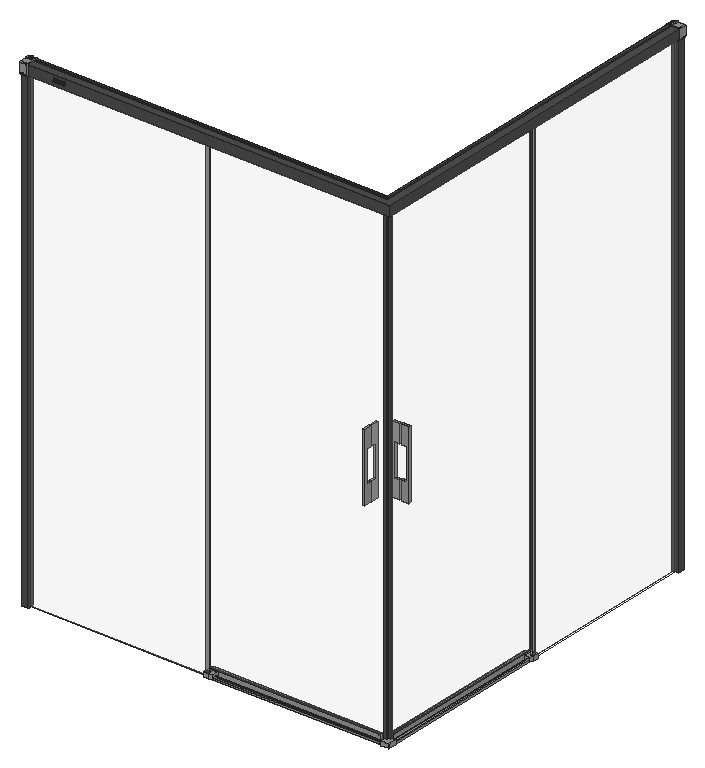
Revit family "Sanitary_Shower-screens_Duscholux_DuschoGredel_DuschoRena_Slider-twin-doors-corner-shower", category Plumbing Fixtures, Revit 2017
Family settings
  Round Connector Dimension = Use Diameter
  Part Type = Normal
  OmniClass Number = 23.45.00.00
  OmniClass Title = Sanitary, Laundry, and Cleaning Equipment
  Work Plane-Based = No
  Always vertical = Yes
  Cut with Voids When Loaded = No
  Shared = No
  Room Calculation Point = No
Parameters (values of type "Black Aluminium Finish")
  Uniclass 2015 Description = "Shower Enclosures"
  Uniclass 2015 Code = "PR-40-20-06-79"
  URL = "http://www.duscholux.es/"
  UNSPSC Code = "30181507"
  Thickness Safety Glass Sliding = 5 mm  # constant formula
  Text visibility = yes
  Technical Inspection Certificate (Applus) = "http://www.duscholux.es/resources/custom/var/APPLUS_en.pdf"
  Sliding Door Width L2 = (Min Max Width L2 / 2) - 39.4 mm + 14 mm  # 724.6 mm
  Sliding Door Width L1 = (Min Max Width L1 / 2) - 39.4 mm + 14 mm  # 724.6 mm
  Ref. = "6AA-6AC / 6AJ-6AK"
  Products = "http://www.duscholux.es/mamparas_filtro.aspx?es"
  Optional = "Towel rail / Shelf"
  Opening System Image = "http://blob.duscholux.es/pluma512/AD2f2pcorredera.gif"
  Opening System = "Sliding"
  Opening Percentage L2 = 0
  Opening Percentage L1 = 0
  Opening Door L2 = ((Min Max Width L2 / 2) - 148.4 mm) * Opening Percentage L2 / 100  # 0 mm
  Series = "duscho Gredel"
  Region South America = "Consult"
  Region Oceania = "Consult"
  Region North America = "Consult"
  Region Middle East = "Consult"
  Region Europe = "AD, ES, FR, PT"
  Region Asia = "Consult"
  Region Antartica = "Consult"
  Region Africa = "Consult"
  Product group = "Angle door for shower"
  Product family = "Duscho Gredel"
  Opening Door L1 = ((Min Max Width L1 / 2) - 148.4 mm) * Opening Percentage L1 / 100  # 0 mm
  Net Weight (Kg) = 82.3
  NBS Reference Description = "Shower Enclosures"
  NBS Reference Code = "45-3570"
  Model = "DuschoRena"
  Material Accesorios = Chrome Finish
  Manufacturer name = "Duscholux Ibérica, S.A."
  Manufacturer country = "Spain"
  Maintenance and Cleaning = "http://www.duscholux.es/mamparas_limpieza.aspx?en"
  Logo visibility = yes
  Image = "http://www.duscholux.es/resources/custom/img/mamparas/DUSCHO%20GREDEL/modelos/2F2PADC/mampara_h.jpg"
  IFC Classification = "Furnishing Element"
  Manufacturer = "Duscholux Ibérica, S.A."
  Handle Material = Chrome Finish
  Glass in Building UNE EN 12150 = "CE Conformity marking"
  Glass Material = Glass_Material-Duscholux
  Frame Material = Black Aluminium Finish
  Thickness safety Glass Fixed Panels = 8 mm  # constant formula
  Fact Sheet = "http://blob.duscholux.es/enpdf2018/Rena2F2PAD.pdf"
  Environmental Management ISO 14001 = "ECOEMBES Certificate"
  Edition number = "1"
  Design country = "Spain / Germany"
  Description = "2 fixed segments + slider twin doors in a corner"
  Date of publishing = ""
  Configuration enclosure = "http://configuratumampara.duscholux.es/eCatalogo.aspx"
  Components = "European components"
  Combinations = "Lateral 90°"
  Brand = "Duscholux"
  Assembly Code = "C1030200"
  Certified Quality UNE EN 14428 = "http://www.duscholux.es/duscholux_downloads.aspx?es"
  COBIe Type Category = ""
  Min Max Width L2 = if(Width L2 < 670 mm, 670 mm, if(Width L2 > 1600 mm, 1600 mm, Width L2))  # 1500 mm
  Min Max Width L1 = if(Width L1 < 670 mm, 670 mm, if(Width L1 > 1600 mm, 1600 mm, Width L1))  # 1500 mm
  Width L2 = 1500 mm
  Width L1 = 1500 mm
  Glass Height = Max Height - 15 mm  # 1985 mm
  Handle Height = Max Height / 2  # 1000 mm
  Max Height = if(Height > 2000 mm, 2000 mm, Height)  # 2000 mm
  Height = 2000 mm
Types (5, lengths in mm): name | Series | Material Accesorios | Handle Material | Frame Material
  (no name) | "duscho Gredel" | Chrome Finish | Chrome Finish | Black Aluminium Finish
  Silver Matt Aluminium Finish | "Duscho Gredel" | Chrome Finish | Chrome Finish | Silver Matt Aluminium Finish
  White Aluminium Finish | "duscho Gredel" | White Finish | White Finish | White Aluminium Finish
  Black Aluminium Finish | "duscho Gredel" | Chrome Finish | Chrome Finish | Black Aluminium Finish
  Platinum Aluminium Finish | "duscho Gredel" | Silver Matt Finish | Chrome Finish | Platinum Aluminium Finish
Reference planes
  plane 1 "Centro (Frontal/Posterior)": y = 0
  plane 2: z = 0
  plane 3 "Centro (Izquierda/Derecha)": x = 0
  plane 4: y = 4
  plane 5: y = -4
  plane 6 "Altura": z = 2000
  plane 7 "Altura vídrio": z = 1985
  plane 8: x = -1496
  plane 9: x = -1487
  plane 10: x = -4
  plane 11: x = 4
  plane 12: y = 1496
  plane 13: y = 1487
  plane 14: x = -746
  plane 15: x = -732
  plane 16: y = 746
  plane 17: y = 23.489
  plane 18: x = -760
  plane 19: x = -23.489
  plane 20: z = 1000
  plane 21: y = 35.4
  plane 22: z = 1959.85
  plane 23: x = -35.386
  plane 24: y = 760
  plane 25: y = 732
Forms (mm)
  Extrusion 1, solid, material "Chrome Finish" <- "Material Accesorios", detail levels medium+fine
    sketch origin (-1472.139, 31.851, 0) x (1, 0, 0) y (0, 1, 0)
      loop
        line (1459.139, -3.851) -> (1459.139, -10.858)
        arc (1459.139, -10.858) -> (1456.798, -16.51) -> (1451.145, -18.851) r 7.994
        line (1451.145, -18.851) -> (1444.139, -18.851) -> (1444.139, -35.851) -> (1473.285, -35.851)
        arc (1473.285, -35.851) -> (1475.303, -35.015) -> (1476.139, -32.997) r 2.854
        line (1476.139, -32.997) -> (1476.139, -3.851) -> (1459.139, -3.851)
    from 0 to 18
  Extrusion 2, solid, material "Black Aluminium Finish" <- "Frame Material"
    sketch origin (-2093.188, 0, 0) x (1, 0, 0) y (0, 1, 0)
      loop
        line (623.688, 14.7) -> (597.188, 14.7) -> (597.188, -10.5) -> (623.688, -10.5) -> (623.688, -4.3) -> (613.038, -4.3) -> (613.038, -9) -> (598.688, -9) -> (598.688, 0) -> (598.688, 13.2) -> (613.038, 13.2) -> (613.038, 4.3) -> (623.688, 4.3) -> (623.688, 14.7)
    from 0 to 1959.85
  Extrusion 3, solid, material "Glass_Material-Duscholux" <- "Glass Material"
    sketch origin (0, 0, 0) x (1, 0, 0) y (0, 1, 0)
      loop
        line (-1487, 4) -> (-1487, -4) -> (-732, -4) -> (-732, 4) -> (-1487, 4)
    from 1.937 to 1985 <- "Glass Height"
  Extrusion 4, solid, material "Glass_Material-Duscholux" <- "Glass Material"
    sketch origin (0, 0, 0) x (1, 0, 0) y (0, 1, 0)
      loop
        line (-4, 1487) -> (-4, 732) -> (4, 732) -> (4, 1487) -> (-4, 1487)
    from 1.937 to 1985 <- "Glass Height"
  Extrusion 5, solid, material "Chrome Finish" <- "Material Accesorios"
    sketch origin (-1925.344, 0, 0) x (1, 0, 0) y (0, 1, 0)
      loop
        line (1208.344, 30.989) -> (1173.344, 30.989) -> (1173.344, -8.011) -> (1195.344, -8.011) -> (1208.344, -4.011) -> (1208.344, 30.989)
    from 0 to 18
  Extrusion 6, void
    sketch origin (-1925.344, 0, 0) x (1, 0, 0) y (0, 1, 0)
      loop
        line (1208.344, 27.32) -> (1173.344, 27.32) -> (1173.344, 19.755) -> (1208.344, 19.755) -> (1208.344, 27.32)
    from 1.937 to 18
  Extrusion 7, void
    sketch origin (-1925.344, -100, 0) x (1, 0, 0) y (0, 1, 0)
      loop
        line (1193.344, 104) -> (1173.344, 104) -> (1173.344, 96) -> (1193.344, 96) -> (1193.344, 104)
    from 1.937 to 18
  Extrusion 8, void
    sketch origin (-1940.344, -100, 0) x (0, 1, 0) y (0, 0, 1)
      loop
        line (130.989, 15.216) -> (130.989, 18) -> (127.32, 18) -> (127.32, 16.927) -> (130.989, 15.216)
    from 1188.344 to 1223.344
  Extrusion 9, solid, material "Chrome Finish" <- "Material Accesorios"
    sketch origin (0, 1879, 0) x (0, -1, 0) y (1, 0, 0)
      loop
        line (1162, -30.989) -> (1162, 4.011) -> (1149, 8.011) -> (1127, 8.011) -> (1127, -30.989) -> (1162, -30.989)
    from 0 to 18
  Extrusion 10, void
    sketch origin (0, 1879, 0) x (0, -1, 0) y (1, 0, 0)
      loop
        line (1127, -27.32) -> (1162, -27.32) -> (1162, -19.755) -> (1127, -19.755) -> (1127, -27.32)
    from 1.937 to 18
  Extrusion 11, void
    sketch origin (100, 1779, 0) x (0, -1, 0) y (1, 0, 0)
      loop
        line (1047, -104) -> (1047, -96) -> (1027, -96) -> (1027, -104) -> (1047, -104)
    from 1.937 to 18
  Extrusion 12, void
    sketch origin (100, 1894, 0) x (-1, 0, 0) y (0, 0, -1)
      loop
        line (130.989, -15.216) -> (127.32, -16.927) -> (127.32, -18) -> (130.989, -18) -> (130.989, -15.216)
    from 1142 to 1177
  Extrusion 13, solid, material "Glass_Material-Duscholux" <- "Glass Material"
    sketch origin (-2020.051, 0, 0) x (1, 0, 0) y (0, 1, 0)
      loop
        line (1260.065, 25.989) -> (1260.065, 20.989) -> (1984.665, 20.989) -> (1984.665, 25.989) -> (1260.065, 25.989)
    from 3.247 to 1985 <- "Glass Height"
  Extrusion 14, solid, material "Plástico, transparente", detail levels fine
    sketch origin (-1598, -145.181, 3.42) x (0, 1, 0) y (0, 0, 1)
      loop
        line (194.949, 4.519) -> (171.958, 16.536)
        arc (171.958, 16.536) -> (171.38, 16.476) -> (171.21, 15.92) r 0.526
        line (171.21, 15.92) -> (171.449, 15) -> (171.449, -0.173) -> (165.989, -0.173) -> (165.989, 16.735) -> (164.936, 16.612) -> (164.936, -1.483) -> (172.501, -1.483) -> (172.501, 12.27)
        arc (172.501, 12.27) -> (172.794, 12.905) -> (173.466, 13.094) r 0.834
        line (173.466, 13.094) -> (193.449, 3.5) -> (193.449, -2.213)
        arc (193.449, -2.213) -> (194.154, -2.647) -> (194.949, -2.414) r 1.02
        line (194.949, -2.414) -> (194.949, 4.519)
    from 843.014 to 1548.233
  Extrusion 15, solid, material "Black Aluminium Finish" <- "Frame Material"
    sketch origin (-5, 0, 0) x (1, 0, 0) y (0, 1, 0)
      loop
        line (-30.386, 26.001) -> (-30.386, 20.976) -> (-32.597, 20.976) -> (-32.597, 19.842)
        arc (-32.597, 19.842) -> (-26.675, 18.656) -> (-21.328, 21.462) r 9.045
        arc (-21.328, 21.462) -> (-21.06, 22.164) -> (-21.354, 22.855) r 1.005
        line (-21.354, 22.855) -> (-22.431, 23.932) -> (-20.682, 25.682) -> (-24.076, 29.076) -> (-25.826, 27.327) -> (-26.959, 28.46)
        arc (-26.959, 28.46) -> (-27.438, 28.727) -> (-27.986, 28.704) r 1.005
        line (-27.986, 28.704) -> (-32.597, 27.177) -> (-32.597, 26.001) -> (-30.386, 26.001)
      loop
        line (-24.342, 20.158) -> (-22.21, 22.29) -> (-27.468, 27.548) -> (-29.6, 25.416) -> (-24.342, 20.158)
    from 0 to 1985 <- "Glass Height"
  Extrusion 16, solid, material "Glass_Material-Duscholux" <- "Glass Material"
    sketch origin (0, 2533.361, 0) x (0, -1, 0) y (1, 0, 0)
      loop
        line (1773.361, -25.989) -> (2497.961, -25.989) -> (2497.961, -20.989) -> (1773.361, -20.989) -> (1773.361, -25.989)
    from 3.247 to 1985 <- "Glass Height"
  Extrusion 17, solid, material "Plástico, transparente", detail levels fine
    sketch origin (145.181, 1598, 3.42) x (-1, 0, 0) y (0, 0, -1)
      loop
        line (194.949, -4.519) -> (194.949, 2.414)
        arc (194.949, 2.414) -> (194.154, 2.647) -> (193.449, 2.213) r 1.02
        line (193.449, 2.213) -> (193.449, -3.5) -> (173.466, -13.094)
        arc (173.466, -13.094) -> (172.794, -12.905) -> (172.501, -12.27) r 0.834
        line (172.501, -12.27) -> (172.501, 1.483) -> (164.936, 1.483) -> (164.936, -16.612) -> (165.989, -16.735) -> (165.989, 0.173) -> (171.449, 0.173) -> (171.449, -15) -> (171.21, -15.92)
        arc (171.21, -15.92) -> (171.38, -16.476) -> (171.958, -16.536) r 0.526
        line (171.958, -16.536) -> (194.949, -4.519)
    from 843 to 1548.219
  Extrusion 18, solid, material "Black Aluminium Finish" <- "Frame Material"
    sketch origin (0, 0.014, 0) x (1, 0, 0) y (0, 1, 0)
      loop
        line (-19.842, 37.597) -> (-20.976, 37.597) -> (-20.976, 35.386) -> (-26.001, 35.386) -> (-26.001, 37.597) -> (-27.177, 37.597) -> (-28.704, 32.986)
        arc (-28.704, 32.986) -> (-28.727, 32.438) -> (-28.46, 31.959) r 1.005
        line (-28.46, 31.959) -> (-27.327, 30.826) -> (-29.076, 29.076) -> (-25.682, 25.682) -> (-23.932, 27.431) -> (-22.855, 26.354)
        arc (-22.855, 26.354) -> (-22.164, 26.06) -> (-21.462, 26.328) r 1.005
        arc (-21.462, 26.328) -> (-18.656, 31.675) -> (-19.842, 37.597) r 9.045
      loop
        line (-25.416, 34.6) -> (-27.548, 32.468) -> (-22.29, 27.21) -> (-20.158, 29.342) -> (-25.416, 34.6)
    from 0 to 1985 <- "Glass Height"
  Extrusion 19, solid, material "Chrome Finish" <- "Material Accesorios", detail levels medium+fine
    sketch origin (0.567, 1454.521, 0) x (-1, 0, 0) y (0, 0, -1)
      loop
        arc (-2.433, -7.579) -> (-1.711, -9.321) -> (0.032, -10.043) r 2.465
        line (0.032, -10.043) -> (5.166, -10.043)
        arc (5.166, -10.043) -> (6.912, -9.32) -> (7.636, -7.574) r 2.47
        line (7.636, -7.574) -> (7.636, 0) -> (-2.433, 0) -> (-2.433, -7.579)
    from 737.521 to 1426.521
  Extrusion 20, solid, material "Chrome Finish" <- "Material Accesorios", detail levels medium+fine
    sketch origin (-1486.652, -0.567, 0) x (0, 1, 0) y (0, 0, 1)
      loop
        line (-2.433, 7.579) -> (-2.433, 0) -> (7.636, 0) -> (7.636, 7.574)
        arc (7.636, 7.574) -> (6.912, 9.32) -> (5.166, 10.043) r 2.47
        line (5.166, 10.043) -> (0.032, 10.043)
        arc (0.032, 10.043) -> (-1.711, 9.321) -> (-2.433, 7.579) r 2.465
    from 769.652 to 1458.652
  Extrusion 21, solid, material "Black Aluminium Finish" <- "Frame Material"
    sketch origin (0, 0, 0) x (0, 1, 0) y (0, 0, 1)
      loop
        line (-16, 2000) -> (-16, 1959.85) -> (-6.5, 1959.85) -> (-6.5, 1994) -> (0, 1994) -> (6.5, 1994) -> (6.5, 1959.85) -> (18.5, 1959.85) -> (18.5, 1963.85) -> (9.5, 1963.85) -> (9.5, 1995.261) -> (23.519, 1995.261) -> (23.519, 1998.011) -> (31.069, 1998.011) -> (31.069, 1961.861) -> (29.669, 1961.861) -> (29.669, 1959.861) -> (33.069, 1959.861) -> (33.069, 1997.011)
        arc (33.069, 1997.011) -> (32.191, 1999.132) -> (30.069, 2000.011) r 3
        line (30.069, 2000.011) -> (21.519, 2000.011) -> (21.519, 1997.261) -> (12.519, 1997.261) -> (12.519, 2000) -> (-16, 2000)
      loop
        line (-9.5, 1991.05) -> (-13, 1991.05) -> (-13, 1963.85) -> (-9.5, 1963.85) -> (-9.5, 1991.05)
    from -1496 to -33.069
  Extrusion 22, solid, material "Black Aluminium Finish" <- "Frame Material"
    sketch origin (0, 1013.135, 0) x (-1, 0, 0) y (0, 0, 1)
      loop
        line (-16, 2000) -> (-16, 1959.85) -> (-6.5, 1959.85) -> (-6.5, 1994) -> (0, 1994) -> (6.5, 1994) -> (6.5, 1959.85) -> (18.5, 1959.85) -> (18.5, 1963.85) -> (9.5, 1963.85) -> (9.5, 1995.261) -> (23.519, 1995.261) -> (23.519, 1998.011) -> (31.069, 1998.011) -> (31.069, 1961.861) -> (29.669, 1961.861) -> (29.669, 1959.861) -> (33.069, 1959.861) -> (33.069, 1997.011)
        arc (33.069, 1997.011) -> (32.191, 1999.132) -> (30.069, 2000.011) r 3
        line (30.069, 2000.011) -> (21.519, 2000.011) -> (21.519, 1997.261) -> (12.519, 1997.261) -> (12.519, 2000) -> (-16, 2000)
      loop
        line (-9.5, 1991.05) -> (-13, 1991.05) -> (-13, 1963.85) -> (-9.5, 1963.85) -> (-9.5, 1991.05)
    from -980.065 to 482.865
  Extrusion 23, solid, material "Black Aluminium Finish" <- "Frame Material"
    sketch origin (0, 0, 0) x (1, 0, 0) y (0, 0, 1)
      loop
        line (16, 2000.011) -> (-33.069, 2000.011) -> (-33.069, 1959.85) -> (16, 1959.85) -> (16, 2000.011)
    from -33.069 to 16
  Extrusion 24, void
    sketch origin (0, 0, 0) x (0, 1, 0) y (0, 0, 1)
      loop
        arc (30.069, 2000.011) -> (32.191, 1999.132) -> (33.069, 1997.011) r 3
        line (33.069, 1997.011) -> (33.069, 2000.011) -> (30.069, 2000.011)
    from -33.069 to -30.069
  Extrusion 25, solid, material "Black Aluminium Finish" <- "Frame Material"
    sketch origin (0, 0, 0) x (1, 0, 0) y (0, 0, 1)
      loop
        arc (-30.069, 2000.011) -> (-32.191, 1999.132) -> (-33.069, 1997.011) r 3
        line (-33.069, 1997.011) -> (-30.069, 1997.011) -> (-30.069, 2000.011)
    from -33.069 to -30.069
  Extrusion 26, solid, material "Chrome Finish" <- "Material Accesorios"
    sketch origin (-1787.5, 0, 0) x (0, 1, 0) y (0, 0, 1)
      loop
        arc (-15, 2002.011) -> (-17.121, 2001.132) -> (-18, 1999.011) r 3
        line (-18, 1999.011) -> (-18, 1961.188)
        arc (-18, 1961.188) -> (-16.882, 1958.721) -> (-14.289, 1957.935) r 3.281
        line (-14.289, 1957.935) -> (-14.289, 1953.858) -> (-10.5, 1953.858) -> (-10.5, 1959.85) -> (-16, 1959.85) -> (-16, 2000) -> (30.191, 2000)
        arc (30.191, 2000) -> (32.266, 1999.117) -> (33.069, 1997.011) r 2.881
        line (33.069, 1997.011) -> (33.069, 1959.861) -> (14.7, 1959.861) -> (14.7, 1953.858) -> (18.5, 1953.858) -> (18.5, 1957.85) -> (32.069, 1957.85)
        arc (32.069, 1957.85) -> (34.191, 1958.729) -> (35.069, 1960.85) r 3
        line (35.069, 1960.85) -> (35.069, 1997.011)
        arc (35.069, 1997.011) -> (33.605, 2000.546) -> (30.069, 2002.011) r 5
        line (30.069, 2002.011) -> (21.49, 2002.011)
        arc (21.49, 2002.011) -> (20.786, 2004.401) -> (18.52, 2005.435) r 3
        line (18.52, 2005.435) -> (12.519, 2005.435) -> (12.519, 2002.011) -> (-15, 2002.011)
    from 291.5 to 319.5
  Extrusion 27, solid, material "Chrome Finish" <- "Material Accesorios"
    sketch origin (0, 1787.5, 0) x (-1, 0, 0) y (0, 0, -1)
      loop
        line (-15, -2002.011) -> (12.519, -2002.011) -> (12.519, -2005.435) -> (18.52, -2005.435)
        arc (18.52, -2005.435) -> (20.786, -2004.401) -> (21.49, -2002.011) r 3
        line (21.49, -2002.011) -> (30.069, -2002.011)
        arc (30.069, -2002.011) -> (33.605, -2000.546) -> (35.069, -1997.011) r 5
        line (35.069, -1997.011) -> (35.069, -1960.85)
        arc (35.069, -1960.85) -> (34.191, -1958.729) -> (32.069, -1957.85) r 3
        line (32.069, -1957.85) -> (18.5, -1957.85) -> (18.5, -1953.858) -> (14.7, -1953.858) -> (14.7, -1959.861) -> (33.069, -1959.861) -> (33.069, -1997.011)
        arc (33.069, -1997.011) -> (32.266, -1999.117) -> (30.191, -2000) r 2.881
        line (30.191, -2000) -> (-16, -2000) -> (-16, -1959.85) -> (-10.5, -1959.85) -> (-10.5, -1953.858) -> (-14.289, -1953.858) -> (-14.289, -1957.935)
        arc (-14.289, -1957.935) -> (-16.882, -1958.721) -> (-18, -1961.188) r 3.281
        line (-18, -1961.188) -> (-18, -1999.011)
        arc (-18, -1999.011) -> (-17.121, -2001.132) -> (-15, -2002.011) r 3
    from 291.5 to 319.5
  Extrusion 28, void
    sketch origin (0, 0, 0) x (1, 0, 0) y (0, 1, 0)
      loop
        line (-33.069, 12.519) -> (-12.519, 12.519) -> (-12.519, 33.069) -> (-21.519, 33.069) -> (-21.519, 21.519) -> (-33.069, 21.519) -> (-33.069, 12.519)
    from 1997.261 to 2000 <- "Height"
  Extrusion 29, solid, material "Black Aluminium Finish" <- "Frame Material", not visible
    sketch origin (-5, 0, 0) x (1, 0, 0) y (0, 1, 0)
      loop
        line (-30.386, 26.001) -> (-30.386, 20.976) -> (-32.597, 20.976) -> (-32.597, 19.842)
        arc (-32.597, 19.842) -> (-26.675, 18.656) -> (-21.328, 21.462) r 9.045
        arc (-21.328, 21.462) -> (-21.06, 22.164) -> (-21.354, 22.855) r 1.005
        line (-21.354, 22.855) -> (-22.431, 23.932) -> (-20.682, 25.682) -> (-24.076, 29.076) -> (-25.826, 27.327) -> (-26.959, 28.46)
        arc (-26.959, 28.46) -> (-27.438, 28.727) -> (-27.986, 28.704) r 1.005
        line (-27.986, 28.704) -> (-32.597, 27.177) -> (-32.597, 26.001) -> (-30.386, 26.001)
      loop
        line (-24.342, 20.158) -> (-22.21, 22.29) -> (-27.468, 27.548) -> (-29.6, 25.416) -> (-24.342, 20.158)
    from 0 to 1985 <- "Glass Height"
  Extrusion 30, solid, material "Black Aluminium Finish" <- "Frame Material", not visible
    sketch origin (0, 0, 0) x (1, 0, 0) y (0, 1, 0)
      loop
        line (-19.842, 37.597) -> (-20.976, 37.597) -> (-20.976, 35.386) -> (-26.001, 35.386) -> (-26.001, 37.597) -> (-27.177, 37.597) -> (-28.704, 32.986)
        arc (-28.704, 32.986) -> (-28.727, 32.438) -> (-28.46, 31.959) r 1.005
        line (-28.46, 31.959) -> (-27.327, 30.826) -> (-29.076, 29.076) -> (-25.682, 25.682) -> (-23.932, 27.431) -> (-22.855, 26.354)
        arc (-22.855, 26.354) -> (-22.164, 26.06) -> (-21.462, 26.328) r 1.005
        arc (-21.462, 26.328) -> (-18.656, 31.675) -> (-19.842, 37.597) r 9.045
      loop
        line (-25.416, 34.6) -> (-27.548, 32.468) -> (-22.29, 27.21) -> (-20.158, 29.342) -> (-25.416, 34.6)
    from 0 to 1985 <- "Glass Height"
  Extrusion 31, solid, material "Plástico, transparente", detail levels fine
    sketch origin (-2.014, 0, 0) x (1, 0, 0) y (0, 1, 0)
      loop
        line (-757.972, 25.989) -> (-752.972, 25.989) -> (-752.972, 27.089) -> (-759.272, 27.089) -> (-759.272, 19.889) -> (-754.072, 19.889) -> (-754.072, 5.989) -> (-752.972, 5.989) -> (-752.972, 20.989) -> (-757.972, 20.989) -> (-757.972, 25.989)
    from 1.937 to 1985 <- "Glass Height"
  Extrusion 32, solid, material "Plástico, transparente", detail levels fine
    sketch origin (0, 1.363, 0) x (1, 0, 0) y (0, 1, 0)
      loop
        line (-25.989, 758.637) -> (-20.989, 758.637) -> (-20.989, 753.637) -> (-5.989, 753.637) -> (-5.989, 754.737) -> (-19.889, 754.737) -> (-19.889, 759.937) -> (-27.089, 759.937) -> (-27.089, 753.637) -> (-25.989, 753.637) -> (-25.989, 758.637)
    from 1.937 to 1985 <- "Glass Height"
  Extrusion 33, solid, material "Black Aluminium Finish" <- "Frame Material"
    sketch origin (0, 0, 0) x (1, 0, 0) y (0, 1, 0)
      loop
        line (-14.7, 1496) -> (-14.7, 1469.5) -> (-4.3, 1469.5) -> (-4.3, 1480.15) -> (-13.2, 1480.15) -> (-13.2, 1494.5) -> (9, 1494.5) -> (9, 1480.15) -> (4.3, 1480.15) -> (4.3, 1469.5) -> (10.5, 1469.5) -> (10.5, 1496) -> (-14.7, 1496)
    from 0 to 1959.85
Cuts and joins
  Extrusion 6, Extrusion 7, Extrusion 8 cuts Extrusion 5
  Extrusion 10, Extrusion 11, Extrusion 12 cuts Extrusion 9
  Extrusion 28 cuts Extrusion 21
  Extrusion 28 cuts Extrusion 22
  Extrusion 24, Extrusion 28 cuts Extrusion 23
  Extrusion 28 cuts Extrusion 25
  joined: Extrusion 21, Extrusion 22, Extrusion 23, Extrusion 25
  Extrusion 28 cuts Extrusion 1
  Extrusion 28 cuts Extrusion 15
  Extrusion 28 cuts Extrusion 18
Dimensions and locks
  locked: Extrusion 1 to Extrusion 1 at 32  (x2)
  equal spacing: plane 4, plane 1 "Centro (Frontal/Posterior)", plane 5
  "Thickness safety Glass Fixed Panels": plane 4 to plane 5
  "Glass Height": plane 7 "Altura vídrio" to plane 2
  locked: plane 8 to plane 9 at 9
  equal spacing: plane 10, plane 3 "Centro (Izquierda/Derecha)", plane 11
  "Thickness safety Glass Fixed Panels": plane 10 to plane 11
  locked: plane 12 to plane 13 at 9
  equal spacing: plane 8, plane 14, plane 11
  locked: plane 14 to plane 15 at 14
  equal spacing: plane 12, plane 16, plane 5
  locked: Extrusion 15 to Extrusion 15 at 2.211
  locked: plane 18 to plane 14 at 14
  locked: Extrusion 18 to Extrusion 18 at 2.211
  Extrusion 18 to Extrusion 18 = 2.211 mm
  locked: Extrusion 14 to Extrusion 13 at 14.381
  locked: Extrusion 16 to Extrusion 17 at 14.381
  locked: plane 14 to cut or joined group of Extrusion 5, Extrusion 6, Extrusion 7, Extrusion 8 at 29
  locked: cut or joined group of Extrusion 5, Extrusion 6, Extrusion 7, Extrusion 8 to plane 14 at 6
  locked: Extrusion 2 to Extrusion 2 at 26.5
  locked: Extrusion 26 to Extrusion 26 at 28
  locked: Extrusion 27 to Extrusion 27 at 28
  "Handle Height": plane 2 to plane 20
  locked: plane 22 to plane 6 "Altura" at 40.15
  locked: plane 6 "Altura" to cut or joined group of Extrusion 21, Extrusion 22, Extrusion 23, Extrusion 24, Extrusion 25, Extrusion 28 at 2.739
  locked: nested 1 to cut or joined group of Extrusion 15, Extrusion 28 at 60
  "Thickness Safety Glass Sliding": Extrusion 13 to Extrusion 13
  "Thickness Safety Glass Sliding": Extrusion 16 to Extrusion 16
  locked: plane 21 to plane 1 "Centro (Frontal/Posterior)" at 35.4
  "Opening Door L2": plane 21 to Extrusion 16
  "Sliding Door Width L2": Extrusion 16 to Extrusion 16
  locked: plane 23 to plane 3 "Centro (Izquierda/Derecha)" at 35.386
  "Opening Door L1": Extrusion 13 to plane 23
  "Sliding Door Width L1": Extrusion 13 to Extrusion 13
  locked: Extrusion 31 to Extrusion 31 at 1.1
  locked: Extrusion 31 to Extrusion 31 at 1.3
  locked: Extrusion 31 to Extrusion 31 at 6.3
  locked: Extrusion 32 to Extrusion 32 at 1.1
  locked: Extrusion 32 to Extrusion 32 at 1.3
  locked: Extrusion 32 to Extrusion 32 at 6.3
  locked: nested 4 to cut or joined group of Extrusion 18, Extrusion 28 at 60
  locked: plane 8 to nested 5 at 158.742
  locked: plane 6 "Altura" to nested 5 at 18.95
  "Min Max Width L1": plane 8 to plane 11
  "Max Height": plane 6 "Altura" to plane 2
  locked: plane 25 to plane 16 at 14
  locked: plane 16 to plane 24 at 14
  locked: cut or joined group of Extrusion 9, Extrusion 10, Extrusion 11, Extrusion 12 to plane 16 at 29
  locked: Extrusion 33 to plane 12 at 26.5
  "Min Max Width L2": plane 12 to plane 5
  locked: cut or joined group of Extrusion 9, Extrusion 10, Extrusion 11, Extrusion 12 to plane 16 at 6
  aligned and locked: level to plane 2
  aligned and locked: Extrusion 3 sketch curve to plane 4
  aligned and locked: plane 5 to Extrusion 3 sketch curve
  aligned and locked: Extrusion 3 to plane 9
  aligned and locked: Extrusion 4 sketch curve to plane 13
  aligned and locked: plane 10 to Extrusion 4 sketch curve
  aligned and locked: Extrusion 4 sketch curve to plane 11
  aligned and locked: plane 15 to Extrusion 3
  aligned and locked: cut or joined group of Extrusion 5, Extrusion 6, Extrusion 7, Extrusion 8 to Extrusion 6
  aligned and locked: cut or joined group of Extrusion 5, Extrusion 6, Extrusion 7, Extrusion 8 to Extrusion 8
  aligned and locked: cut or joined group of Extrusion 5, Extrusion 6, Extrusion 7, Extrusion 8 to cut or joined group of Extrusion 5, Extrusion 6, Extrusion 7, Extrusion 8  (x3)
  aligned and locked: Extrusion 3 to cut or joined group of Extrusion 5, Extrusion 6, Extrusion 7, Extrusion 8
  aligned and locked: Extrusion 4 to cut or joined group of Extrusion 9, Extrusion 10, Extrusion 11, Extrusion 12
  aligned and locked: cut or joined group of Extrusion 9, Extrusion 10, Extrusion 11, Extrusion 12 to cut or joined group of Extrusion 9, Extrusion 10, Extrusion 11, Extrusion 12  (x5)
  aligned and locked: Extrusion 13 to Extrusion 14
  aligned and locked: Extrusion 15 to Extrusion 13
  aligned and locked: Extrusion 17 to Extrusion 16
  aligned and locked: Extrusion 18 to Extrusion 16
  aligned and locked: Extrusion 19 to Extrusion 1
  aligned and locked: Extrusion 19 to cut or joined group of Extrusion 9, Extrusion 10, Extrusion 11, Extrusion 12
  aligned and locked: Extrusion 20 to Extrusion 1
  aligned and locked: Extrusion 20 to cut or joined group of Extrusion 5, Extrusion 6, Extrusion 7, Extrusion 8
  aligned and locked: Extrusion 1 to plane 11
  aligned and locked: Extrusion 1 to plane 5
  aligned and locked: Extrusion 21 sketch curve to Extrusion 21 sketch curve
  aligned and locked: Extrusion 22 sketch curve to Extrusion 22 sketch curve
  aligned and locked: plane 12 to Extrusion 22
  aligned and locked: Extrusion 2 to plane 8
  aligned and locked: Extrusion 26 to plane 8
  aligned and locked: plane 12 to Extrusion 27
  aligned and locked: nested 1 to plane 20
  aligned and locked: plane 20 to nested 2
  aligned and locked: nested 3 to plane 20
  aligned and locked: plane 20 to nested 4
  aligned and locked: plane 22 to Extrusion 2
  aligned and locked: Extrusion 28 to cut or joined group of Extrusion 21, Extrusion 22, Extrusion 23, Extrusion 24, Extrusion 25, Extrusion 28
  aligned and locked: cut or joined group of Extrusion 21, Extrusion 22, Extrusion 23, Extrusion 24, Extrusion 25, Extrusion 28 to plane 8
  aligned and locked: nested 4 to nested 3
  aligned and locked: nested 2 to nested 1
  aligned and locked: Extrusion 31 to Extrusion 31
  aligned and locked: Extrusion 31 to Extrusion 13
  aligned and locked: Extrusion 14 to Extrusion 31
  aligned and locked: Extrusion 31 to Extrusion 14
  aligned and locked: Extrusion 32 to Extrusion 32
  aligned and locked: Extrusion 32 to Extrusion 16
  aligned and locked: Extrusion 17 to Extrusion 32
  aligned and locked: Extrusion 32 to Extrusion 17
  aligned and locked: Extrusion 33 to plane 2
  aligned and locked: Extrusion 33 to cut or joined group of Extrusion 21, Extrusion 22, Extrusion 23, Extrusion 24, Extrusion 25, Extrusion 28
Automatic sketch dimensions
  Extrusion 15 sketch curve to Extrusion 15 sketch curve = 0 mm
  Extrusion 15 sketch curve to Extrusion 15 sketch curve = 2.211 mm
  Extrusion 15 sketch curve to Extrusion 15 sketch curve = 0.786 mm
  Extrusion 15 sketch curve to Extrusion 15 sketch curve = 2.4 mm
  Extrusion 15 sketch curve to Extrusion 15 sketch curve = 0.023 mm
  Extrusion 15 sketch curve to Extrusion 15 sketch curve = 0.293 mm
  Extrusion 15 sketch curve to Extrusion 15 sketch curve = 0.201 mm  (x2)
  Extrusion 15 sketch curve to Extrusion 15 sketch curve = 0.711 mm  (x3)
  Extrusion 15 sketch curve to Extrusion 15 sketch curve = 1.134 mm
  Extrusion 15 sketch curve to Extrusion 15 sketch curve = 1.749 mm  (x2)
  Extrusion 15 sketch curve to Extrusion 15 sketch curve = 0.222 mm
  Extrusion 15 sketch curve to Extrusion 15 sketch curve = 0.145 mm  (x2)
  Extrusion 15 sketch curve to Extrusion 15 sketch curve = 1.135 mm
  Extrusion 15 sketch curve to Extrusion 15 sketch curve = 1.176 mm
  Extrusion 15 sketch curve to Extrusion 15 sketch curve = 0.061 mm
  Extrusion 18 sketch curve to Extrusion 18 sketch curve = 0.711 mm  (x2)
  Extrusion 18 sketch curve to Extrusion 18 sketch curve = 0.954 mm
  Extrusion 18 sketch curve to Extrusion 18 sketch curve = 1.176 mm
  Extrusion 18 sketch curve to Extrusion 18 sketch curve = 1.077 mm
  Extrusion 18 sketch curve to Extrusion 18 sketch curve = 1.484 mm
  Extrusion 18 sketch curve to Extrusion 18 sketch curve = 1.749 mm  (x2)
  Extrusion 18 sketch curve to Extrusion 18 sketch curve = 0.585 mm
  Extrusion 18 sketch curve to Extrusion 18 sketch curve = 1.91 mm
  Extrusion 18 sketch curve to Extrusion 18 sketch curve = 0.222 mm
  Extrusion 18 sketch curve to Extrusion 18 sketch curve = 0.061 mm
  Extrusion 18 sketch curve to Extrusion 18 sketch curve = 0.201 mm  (x2)
  Extrusion 18 sketch curve to Extrusion 18 sketch curve = 0.566 mm
  Extrusion 18 sketch curve to Extrusion 18 sketch curve = 0.145 mm  (x2)
  Extrusion 18 sketch curve to Extrusion 18 sketch curve = 4.44 mm
  Extrusion 18 sketch curve to Extrusion 18 sketch curve = 1.135 mm
  Extrusion 18 sketch curve to Extrusion 18 sketch curve = 0.672 mm
  Extrusion 18 sketch curve to Extrusion 18 sketch curve = 2.132 mm
  Extrusion 18 sketch curve to Extrusion 18 sketch curve = 0.293 mm
  Extrusion 18 sketch curve to Extrusion 18 sketch curve = 0.786 mm
  Extrusion 18 sketch curve to Extrusion 18 sketch curve = 2.211 mm  (x2)
  Extrusion 15 sketch curve to Extrusion 15 sketch curve = 6.044 mm
  Extrusion 15 sketch curve to Extrusion 15 sketch curve = 0.818 mm
  Extrusion 15 sketch curve to Extrusion 15 sketch curve = 1.987 mm
  Extrusion 15 sketch curve to Extrusion 15 sketch curve = 1.077 mm
  Extrusion 15 sketch curve to Extrusion 15 sketch curve = 0.585 mm
  Extrusion 1 sketch curve to plane 5 = 0 mm
  Extrusion 1 sketch curve to plane 11 = 0 mm
  plane 3 "Centro (Izquierda/Derecha)" to Extrusion 1 sketch curve = 1.146 mm
  Extrusion 1 sketch curve to plane 10 = 9 mm
  plane 19 to Extrusion 1 sketch curve = 2.495 mm
  Extrusion 1 sketch curve to plane 19 = 4.511 mm
  plane 4 to Extrusion 1 sketch curve = 9 mm
  Extrusion 1 sketch curve to plane 17 = 4.511 mm
  Extrusion 2 sketch curve to plane 8 = 0 mm
  plane 1 "Centro (Frontal/Posterior)" to Extrusion 2 sketch curve = 0 mm
  plane 8 to Extrusion 2 sketch curve = 1.5 mm
  plane 9 to Extrusion 2 sketch curve = 6.85 mm  (x2)
  plane 4 to Extrusion 2 sketch curve = 0.3 mm
  Extrusion 2 sketch curve to Extrusion 2 sketch curve = 10.65 mm
  Extrusion 2 sketch curve to Extrusion 2 sketch curve = 0 mm
  Extrusion 2 sketch curve to plane 5 = 0.3 mm
  Extrusion 2 sketch curve to plane 5 = 5 mm
  Extrusion 2 sketch curve to Extrusion 2 sketch curve = 1.5 mm
  plane 4 to Extrusion 2 sketch curve = 9.2 mm
  plane 17 to Extrusion 2 sketch curve = 8.789 mm
  Extrusion 3 sketch curve to plane 9 = 0 mm
  Extrusion 3 sketch curve to plane 15 = 0 mm
  Extrusion 5 sketch curve to plane 14 = 6 mm
  plane 15 to Extrusion 5 sketch curve = 2 mm
  Extrusion 5 sketch curve to plane 5 = 0.011 mm
  Extrusion 5 sketch curve to Extrusion 5 sketch curve = 13 mm
  Extrusion 5 sketch curve to plane 5 = 4.011 mm
  Extrusion 5 sketch curve to plane 17 = 7.5 mm
  Extrusion 6 sketch curve to plane 14 = 6 mm
  plane 17 to Extrusion 6 sketch curve = 3.734 mm
  plane 15 to Extrusion 6 sketch curve = 15 mm
  Extrusion 6 sketch curve to plane 17 = 3.831 mm
  Extrusion 7 sketch curve to plane 4 = 0 mm
  Extrusion 7 sketch curve to plane 5 = 0 mm
  Extrusion 7 sketch curve to plane 15 = 0 mm
  Extrusion 7 sketch curve to plane 14 = 6 mm
  Extrusion 8 sketch curve to plane 17 = 3.831 mm
  Extrusion 8 sketch curve to Extrusion 8 sketch curve = 3.669 mm
  level to Extrusion 8 sketch curve = 15.216 mm
  Extrusion 8 sketch curve to Extrusion 8 sketch curve = 1.711 mm
  Extrusion 8 sketch curve to Extrusion 8 sketch curve = 2.784 mm
  Extrusion 9 sketch curve to plane 16 = 6 mm
  plane 11 to Extrusion 9 sketch curve = 0.011 mm
  Extrusion 9 sketch curve to Extrusion 9 sketch curve = 13 mm
  Extrusion 9 sketch curve to plane 19 = 7.5 mm
  plane 11 to Extrusion 9 sketch curve = 4.011 mm
  Extrusion 10 sketch curve to plane 16 = 6 mm
  plane 19 to Extrusion 10 sketch curve = 3.734 mm
  Extrusion 10 sketch curve to plane 19 = 3.831 mm
  Extrusion 11 sketch curve to plane 10 = 0 mm
  Extrusion 11 sketch curve to plane 11 = 0 mm
  Extrusion 11 sketch curve to plane 16 = 6 mm
  Extrusion 12 sketch curve to plane 19 = 3.831 mm
  Extrusion 12 sketch curve to Extrusion 12 sketch curve = 3.669 mm
  level to Extrusion 12 sketch curve = 18 mm
  Extrusion 12 sketch curve to Extrusion 12 sketch curve = 1.073 mm
  Extrusion 12 sketch curve to Extrusion 12 sketch curve = 2.784 mm
  plane 18 to Extrusion 13 sketch curve = 0.014 mm
  plane 17 to Extrusion 13 sketch curve = 2.5 mm
  Extrusion 13 sketch curve to plane 19 = 11.897 mm
  Extrusion 13 sketch curve to plane 17 = 2.5 mm
  plane 17 to Extrusion 14 sketch curve = 3.734 mm
  Extrusion 14 sketch curve to Extrusion 14 sketch curve = 1.053 mm  (x2)
  Extrusion 14 sketch curve to plane 17 = 2.54 mm
  Extrusion 14 sketch curve to plane 17 = 2.779 mm
  Extrusion 14 sketch curve to Extrusion 14 sketch curve = 0.504 mm
  Extrusion 14 sketch curve to Extrusion 14 sketch curve = 0.244 mm
  Extrusion 14 sketch curve to Extrusion 14 sketch curve = 0.834 mm
  Extrusion 14 sketch curve to Extrusion 14 sketch curve = 0.131 mm
  level to Extrusion 14 sketch curve = 6.92 mm
  Extrusion 14 sketch curve to Extrusion 14 sketch curve = 20.947 mm
  Extrusion 14 sketch curve to Extrusion 14 sketch curve = 0.841 mm
  Extrusion 14 sketch curve to Extrusion 14 sketch curve = 1.5 mm
  level to Extrusion 14 sketch curve = 3.247 mm
  Extrusion 14 sketch curve to Extrusion 14 sketch curve = 1.31 mm
  level to Extrusion 14 sketch curve = 1.785 mm
  Extrusion 14 sketch curve to Extrusion 14 sketch curve = 0.578 mm
  Extrusion 14 sketch curve to Extrusion 14 sketch curve = 1.019 mm
  Extrusion 14 sketch curve to Extrusion 14 sketch curve = 12.444 mm
  Extrusion 14 sketch curve to Extrusion 14 sketch curve = 1.906 mm
  Extrusion 14 sketch curve to Extrusion 14 sketch curve = 0.92 mm
  Extrusion 14 sketch curve to Extrusion 14 sketch curve = 0.15 mm
  Extrusion 14 sketch curve to Extrusion 14 sketch curve = 0.692 mm
  Extrusion 14 sketch curve to Extrusion 14 sketch curve = 0.123 mm
  plane 19 to Extrusion 16 sketch curve = 2.5 mm
  Extrusion 16 sketch curve to plane 17 = 11.911 mm
  Extrusion 16 sketch curve to plane 19 = 2.5 mm
  plane 19 to Extrusion 17 sketch curve = 3.734 mm
  Extrusion 17 sketch curve to Extrusion 17 sketch curve = 1.053 mm  (x2)
  Extrusion 17 sketch curve to plane 19 = 2.54 mm
  Extrusion 17 sketch curve to plane 19 = 2.779 mm
  Extrusion 17 sketch curve to Extrusion 17 sketch curve = 0.504 mm
  Extrusion 17 sketch curve to Extrusion 17 sketch curve = 0.244 mm
  Extrusion 17 sketch curve to Extrusion 17 sketch curve = 0.834 mm
  Extrusion 17 sketch curve to Extrusion 17 sketch curve = 0.131 mm
  level to Extrusion 17 sketch curve = 6.92 mm
  Extrusion 17 sketch curve to Extrusion 17 sketch curve = 20.947 mm
  Extrusion 17 sketch curve to Extrusion 17 sketch curve = 0.841 mm
  Extrusion 17 sketch curve to Extrusion 17 sketch curve = 1.5 mm
  Extrusion 17 sketch curve to Extrusion 17 sketch curve = 1.019 mm
  level to Extrusion 17 sketch curve = 15.691 mm
  Extrusion 17 sketch curve to Extrusion 17 sketch curve = 1.906 mm
  Extrusion 17 sketch curve to Extrusion 17 sketch curve = 0.92 mm
  Extrusion 17 sketch curve to Extrusion 17 sketch curve = 0.15 mm
  Extrusion 17 sketch curve to Extrusion 17 sketch curve = 0.692 mm
  Extrusion 17 sketch curve to Extrusion 17 sketch curve = 0.123 mm
  level to Extrusion 17 sketch curve = 3.247 mm
  Extrusion 17 sketch curve to Extrusion 17 sketch curve = 1.31 mm
  level to Extrusion 17 sketch curve = 1.785 mm
  Extrusion 17 sketch curve to Extrusion 17 sketch curve = 0.578 mm
  Extrusion 19 sketch curve to level = 0 mm
  Extrusion 19 sketch curve to plane 11 = 1 mm
  plane 3 "Centro (Izquierda/Derecha)" to Extrusion 19 sketch curve = 0.535 mm
  Extrusion 19 sketch curve to plane 10 = 0.599 mm
  Extrusion 19 sketch curve to plane 10 = 3.069 mm
  level to Extrusion 19 sketch curve = 7.574 mm
  Extrusion 20 sketch curve to level = 0 mm
  plane 5 to Extrusion 20 sketch curve = 1 mm
  plane 1 "Centro (Frontal/Posterior)" to Extrusion 20 sketch curve = 0.535 mm
  plane 4 to Extrusion 20 sketch curve = 0.599 mm
  plane 4 to Extrusion 20 sketch curve = 3.069 mm
  Extrusion 20 sketch curve to Extrusion 20 sketch curve = 7.574 mm
  Extrusion 21 sketch curve to plane 6 "Altura" = 0 mm
  Extrusion 21 sketch curve to plane 1 "Centro (Frontal/Posterior)" = 0 mm
  Extrusion 21 sketch curve to plane 5 = 2.5 mm
  Extrusion 21 sketch curve to Extrusion 21 sketch curve = 3 mm  (x3)
  Extrusion 21 sketch curve to Extrusion 21 sketch curve = 3.5 mm
  plane 4 to Extrusion 21 sketch curve = 2.5 mm
  Extrusion 21 sketch curve to Extrusion 21 sketch curve = 3.019 mm
  plane 17 to Extrusion 21 sketch curve = 4.989 mm
  plane 6 "Altura" to Extrusion 21 sketch curve = 0.011 mm
  plane 17 to Extrusion 21 sketch curve = 1.969 mm
  Extrusion 21 sketch curve to plane 17 = 0.031 mm
  Extrusion 21 sketch curve to plane 17 = 6.181 mm
  Extrusion 21 sketch curve to plane 17 = 6.581 mm
  Extrusion 21 sketch curve to Extrusion 21 sketch curve = 1 mm  (x2)
  Extrusion 21 sketch curve to Extrusion 21 sketch curve = 2 mm  (x2)
  Extrusion 21 sketch curve to plane 6 "Altura" = 4.739 mm
  Extrusion 21 sketch curve to plane 6 "Altura" = 6 mm
  Extrusion 21 sketch curve to Extrusion 21 sketch curve = 2.95 mm
  Extrusion 21 sketch curve to plane 7 "Altura vídrio" = 21.15 mm
  Extrusion 21 sketch curve to Extrusion 21 sketch curve = 1.989 mm
  Extrusion 21 sketch curve to Extrusion 21 sketch curve = 4 mm  (x2)
  Extrusion 21 sketch curve to plane 6 "Altura" = 2.739 mm
  Extrusion 22 sketch curve to plane 6 "Altura" = 0 mm
  Extrusion 22 sketch curve to plane 3 "Centro (Izquierda/Derecha)" = 0 mm
  plane 11 to Extrusion 22 sketch curve = 2.5 mm
  Extrusion 22 sketch curve to Extrusion 22 sketch curve = 3 mm  (x3)
  Extrusion 22 sketch curve to Extrusion 22 sketch curve = 3.5 mm
  Extrusion 22 sketch curve to plane 10 = 2.5 mm
  Extrusion 22 sketch curve to Extrusion 22 sketch curve = 3.019 mm
  plane 19 to Extrusion 22 sketch curve = 4.989 mm
  plane 6 "Altura" to Extrusion 22 sketch curve = 0.011 mm
  plane 19 to Extrusion 22 sketch curve = 1.969 mm
  Extrusion 22 sketch curve to plane 19 = 0.031 mm
  Extrusion 22 sketch curve to plane 19 = 6.181 mm
  Extrusion 22 sketch curve to plane 19 = 6.581 mm
  Extrusion 22 sketch curve to Extrusion 22 sketch curve = 1 mm  (x2)
  Extrusion 22 sketch curve to Extrusion 22 sketch curve = 2 mm  (x2)
  Extrusion 22 sketch curve to plane 6 "Altura" = 4.739 mm
  Extrusion 22 sketch curve to plane 6 "Altura" = 6 mm
  Extrusion 22 sketch curve to Extrusion 22 sketch curve = 2.95 mm
  Extrusion 22 sketch curve to plane 7 "Altura vídrio" = 21.15 mm
  Extrusion 22 sketch curve to Extrusion 22 sketch curve = 1.989 mm
  Extrusion 22 sketch curve to Extrusion 22 sketch curve = 4 mm  (x2)
  Extrusion 22 sketch curve to plane 6 "Altura" = 2.739 mm
  plane 6 "Altura" to Extrusion 23 sketch curve = 0.011 mm
  Extrusion 23 sketch curve to plane 19 = 9.581 mm
  plane 11 to Extrusion 23 sketch curve = 12 mm
  Extrusion 23 sketch curve to plane 7 "Altura vídrio" = 25.15 mm
  plane 6 "Altura" to Extrusion 24 sketch curve = 0.011 mm
  Extrusion 24 sketch curve to plane 17 = 6.581 mm
  Extrusion 24 sketch curve to Extrusion 24 sketch curve = 3 mm
  Extrusion 25 sketch curve to plane 6 "Altura" = 2.989 mm
  Extrusion 25 sketch curve to plane 19 = 9.581 mm
  Extrusion 25 sketch curve to Extrusion 25 sketch curve = 3 mm
  Extrusion 26 sketch curve to plane 6 "Altura" = 0 mm
  Extrusion 26 sketch curve to plane 5 = 14 mm
  Extrusion 26 sketch curve to Extrusion 26 sketch curve = 2 mm  (x2)
  Extrusion 26 sketch curve to Extrusion 26 sketch curve = 1 mm  (x2)
  Extrusion 26 sketch curve to Extrusion 26 sketch curve = 1.281 mm
  Extrusion 26 sketch curve to Extrusion 26 sketch curve = 1.711 mm
  Extrusion 26 sketch curve to Extrusion 26 sketch curve = 3.789 mm
  plane 6 "Altura" to Extrusion 26 sketch curve = 2.011 mm  (x2)
  plane 4 to Extrusion 26 sketch curve = 8.519 mm
  plane 17 to Extrusion 26 sketch curve = 8.789 mm
  Extrusion 26 sketch curve to Extrusion 26 sketch curve = 3.8 mm
  plane 6 "Altura" to Extrusion 26 sketch curve = 2.435 mm
  plane 17 to Extrusion 26 sketch curve = 4.969 mm
  plane 17 to Extrusion 26 sketch curve = 1.999 mm
  Extrusion 26 sketch curve to plane 17 = 6.581 mm
  Extrusion 26 sketch curve to Extrusion 26 sketch curve = 0.121 mm
  Extrusion 26 sketch curve to plane 17 = 8.581 mm
  Extrusion 26 sketch curve to Extrusion 26 sketch curve = 0 mm
  Extrusion 26 sketch curve to plane 7 "Altura vídrio" = 23.812 mm
  Extrusion 26 sketch curve to plane 7 "Altura vídrio" = 24.15 mm
  Extrusion 26 sketch curve to Extrusion 26 sketch curve = 2.011 mm
  Extrusion 26 sketch curve to Extrusion 26 sketch curve = 1.338 mm
  Extrusion 26 sketch curve to Extrusion 26 sketch curve = 4.077 mm
  Extrusion 26 sketch curve to Extrusion 26 sketch curve = 3.992 mm
  Extrusion 27 sketch curve to plane 6 "Altura" = 0 mm
  plane 11 to Extrusion 27 sketch curve = 14 mm
  Extrusion 27 sketch curve to Extrusion 27 sketch curve = 2 mm  (x2)
  Extrusion 27 sketch curve to Extrusion 27 sketch curve = 1 mm  (x2)
  Extrusion 27 sketch curve to Extrusion 27 sketch curve = 1.281 mm
  Extrusion 27 sketch curve to Extrusion 27 sketch curve = 1.711 mm
  Extrusion 27 sketch curve to Extrusion 27 sketch curve = 3.789 mm
  plane 6 "Altura" to Extrusion 27 sketch curve = 2.011 mm  (x2)
  Extrusion 27 sketch curve to plane 10 = 8.519 mm
  plane 19 to Extrusion 27 sketch curve = 8.789 mm
  Extrusion 27 sketch curve to Extrusion 27 sketch curve = 3.8 mm
  plane 6 "Altura" to Extrusion 27 sketch curve = 2.435 mm
  plane 19 to Extrusion 27 sketch curve = 4.969 mm
  plane 19 to Extrusion 27 sketch curve = 1.999 mm
  Extrusion 27 sketch curve to plane 19 = 6.581 mm
  Extrusion 27 sketch curve to Extrusion 27 sketch curve = 0.121 mm
  Extrusion 27 sketch curve to plane 19 = 8.581 mm
  Extrusion 27 sketch curve to Extrusion 27 sketch curve = 0.109 mm
  Extrusion 27 sketch curve to plane 7 "Altura vídrio" = 23.812 mm
  Extrusion 27 sketch curve to plane 7 "Altura vídrio" = 24.15 mm
  Extrusion 27 sketch curve to Extrusion 27 sketch curve = 2.011 mm
  Extrusion 27 sketch curve to Extrusion 27 sketch curve = 1.915 mm
  Extrusion 27 sketch curve to Extrusion 27 sketch curve = 4.077 mm
  Extrusion 27 sketch curve to Extrusion 27 sketch curve = 3.992 mm
  Extrusion 28 sketch curve to plane 19 = 9.581 mm
  plane 19 to Extrusion 28 sketch curve = 1.969 mm
  Extrusion 28 sketch curve to plane 10 = 8.519 mm
  plane 4 to Extrusion 28 sketch curve = 8.519 mm
  plane 17 to Extrusion 28 sketch curve = 1.969 mm
  Extrusion 28 sketch curve to plane 17 = 9.581 mm
  Extrusion 29 sketch curve to Extrusion 29 sketch curve = 0 mm
  Extrusion 29 sketch curve to Extrusion 29 sketch curve = 2.211 mm
  Extrusion 29 sketch curve to Extrusion 29 sketch curve = 0.786 mm
  Extrusion 29 sketch curve to Extrusion 29 sketch curve = 2.4 mm
  Extrusion 29 sketch curve to Extrusion 29 sketch curve = 0.023 mm
  Extrusion 29 sketch curve to Extrusion 29 sketch curve = 0.293 mm
  Extrusion 29 sketch curve to Extrusion 29 sketch curve = 0.201 mm  (x2)
  Extrusion 29 sketch curve to Extrusion 29 sketch curve = 0.711 mm  (x3)
  Extrusion 29 sketch curve to Extrusion 29 sketch curve = 1.134 mm
  Extrusion 29 sketch curve to Extrusion 29 sketch curve = 1.749 mm  (x2)
  Extrusion 29 sketch curve to Extrusion 29 sketch curve = 0.222 mm
  Extrusion 29 sketch curve to Extrusion 29 sketch curve = 0.145 mm  (x2)
  Extrusion 29 sketch curve to Extrusion 29 sketch curve = 1.135 mm
  Extrusion 29 sketch curve to Extrusion 29 sketch curve = 1.176 mm
  Extrusion 29 sketch curve to Extrusion 29 sketch curve = 0.061 mm
  Extrusion 29 sketch curve to Extrusion 29 sketch curve = 6.044 mm
  Extrusion 29 sketch curve to Extrusion 29 sketch curve = 0.818 mm
  Extrusion 29 sketch curve to Extrusion 29 sketch curve = 1.987 mm
  Extrusion 29 sketch curve to Extrusion 29 sketch curve = 1.077 mm
  Extrusion 29 sketch curve to Extrusion 29 sketch curve = 0.585 mm
  Extrusion 30 sketch curve to Extrusion 30 sketch curve = 0.711 mm  (x2)
  Extrusion 30 sketch curve to Extrusion 30 sketch curve = 0.954 mm
  Extrusion 30 sketch curve to Extrusion 30 sketch curve = 1.176 mm
  Extrusion 30 sketch curve to Extrusion 30 sketch curve = 1.077 mm
  Extrusion 30 sketch curve to Extrusion 30 sketch curve = 1.484 mm
  Extrusion 30 sketch curve to Extrusion 30 sketch curve = 1.749 mm  (x2)
  Extrusion 30 sketch curve to Extrusion 30 sketch curve = 0.585 mm
  Extrusion 30 sketch curve to Extrusion 30 sketch curve = 1.91 mm
  Extrusion 30 sketch curve to Extrusion 30 sketch curve = 0.222 mm
  Extrusion 30 sketch curve to Extrusion 30 sketch curve = 0.061 mm
  Extrusion 30 sketch curve to Extrusion 30 sketch curve = 0.201 mm  (x2)
  Extrusion 30 sketch curve to Extrusion 30 sketch curve = 0.566 mm
  Extrusion 30 sketch curve to Extrusion 30 sketch curve = 0.145 mm  (x2)
  Extrusion 30 sketch curve to Extrusion 30 sketch curve = 4.44 mm
  Extrusion 30 sketch curve to Extrusion 30 sketch curve = 1.135 mm
  Extrusion 30 sketch curve to Extrusion 30 sketch curve = 0.672 mm
  Extrusion 30 sketch curve to Extrusion 30 sketch curve = 2.132 mm
  Extrusion 30 sketch curve to Extrusion 30 sketch curve = 0.293 mm
  Extrusion 30 sketch curve to Extrusion 30 sketch curve = 0.786 mm
  Extrusion 30 sketch curve to Extrusion 30 sketch curve = 2.211 mm  (x2)
  Extrusion 31 sketch curve to plane 17 = 3.6 mm
  Extrusion 31 sketch curve to plane 18 = 1.286 mm
  Extrusion 31 sketch curve to Extrusion 31 sketch curve = 5.2 mm
  Extrusion 31 sketch curve to Extrusion 31 sketch curve = 6.3 mm
  Extrusion 31 sketch curve to Extrusion 31 sketch curve = 1.1 mm  (x3)
  plane 17 to Extrusion 31 sketch curve = 2.5 mm
  plane 4 to Extrusion 31 sketch curve = 1.989 mm
  Extrusion 31 sketch curve to Extrusion 31 sketch curve = 1.3 mm
  Extrusion 32 sketch curve to plane 19 = 3.6 mm
  Extrusion 32 sketch curve to Extrusion 32 sketch curve = 1.1 mm  (x3)
  plane 19 to Extrusion 32 sketch curve = 2.5 mm
  Extrusion 32 sketch curve to plane 10 = 1.989 mm
  Extrusion 32 sketch curve to Extrusion 32 sketch curve = 0 mm
  Extrusion 32 sketch curve to Extrusion 32 sketch curve = 6.3 mm
  Extrusion 32 sketch curve to Extrusion 32 sketch curve = 1.3 mm
  Extrusion 33 sketch curve to plane 12 = 0 mm
  Extrusion 33 sketch curve to Extrusion 33 sketch curve = 8.9 mm
  plane 19 to Extrusion 33 sketch curve = 8.789 mm
  plane 11 to Extrusion 33 sketch curve = 0.3 mm
  Extrusion 33 sketch curve to Extrusion 33 sketch curve = 4.7 mm
  Extrusion 33 sketch curve to Extrusion 33 sketch curve = 6.2 mm
  Extrusion 33 sketch curve to plane 12 = 1.5 mm
  Extrusion 33 sketch curve to plane 13 = 6.85 mm  (x2)
  Extrusion 33 sketch curve to Extrusion 33 sketch curve = 10.65 mm
  Extrusion 33 sketch curve to Extrusion 33 sketch curve = 0 mm
  Extrusion 33 sketch curve to Extrusion 33 sketch curve = 1.5 mm
  plane 16 to Extrusion 4 sketch curve = 14 mm
  plane 16 to Extrusion 9 sketch curve = 16 mm
  plane 16 to Extrusion 10 sketch curve = 29 mm
  plane 16 to Extrusion 11 sketch curve = 14 mm
  Extrusion 16 sketch curve to plane 16 = 14 mm
  Extrusion 32 sketch curve to plane 16 = 9 mm
Nested families
  nested 1: "Handle-Gredel" at (-95.386, 25.989, 1000) x (-1, 0, 0) z (0, 1, 0), type "Handle-Gredel", detail levels medium+fine
  nested 2: "Handle-Gredel" at (-95.386, 20.989, 1000) x (-1, 0, 0) z (0, -1, 0), type "Handle-Gredel", detail levels medium+fine
  nested 3: "Handle-Gredel" at (-20.989, 95.4, 1000) x (0, 1, 0) z (1, 0, 0), type "Handle-Gredel", detail levels medium+fine
  nested 4: "Handle-Gredel" at (-25.989, 95.4, 1000) x (0, 1, 0) z (-1, 0, 0), type "Handle-Gredel", detail levels medium+fine
  nested 5: "LOGO" at (-1337.258, -16, 1981.05) x (1, 0, 0) z (0, -1, 0), type "LOGO"
Definition of nested family "Handle-Gredel"
  Parameters (values of type "Tirador349")
    Material Tiradores = none
    Long. tirador = 280 mm
    Espesor = 10 mm
    Default Elevation = 1219.2 mm
  Reference planes
    plane 1 "Centro (Frontal/Posterior)": y = 0
    plane 2: z = 0
    plane 3 "Centro (Izquierda/Derecha)": x = 0
    plane 4: y = 140
    plane 5: y = -140
    plane 6: x = -5
    plane 7: x = 5
  Forms (mm)
    Extrusion 1, solid
      sketch origin (0, 0, 0) x (1, 0, 0) y (0, 1, 0)
        loop
          line (-1219.2, 1219.2) -> (-1219.2, -1219.2) -> (1219.2, -1219.2) -> (1219.2, 1219.2) -> (-1219.2, 1219.2)
      from 0 to -304.8
    Extrusion 2, solid, material <- "Material Tiradores"
      sketch origin (0, 0, -20) x (0, 1, 0) y (0, 0, 1)
        loop
          line (-65, 41) -> (65, 41) -> (65, 20) -> (140, 20) -> (140, 50) -> (-140, 50) -> (-140, 20) -> (-65, 20) -> (-65, 41)
      from -5 to 5
  Dimensions and locks
    equal spacing: plane 4, plane 1 "Centro (Frontal/Posterior)", plane 5
    equal spacing: plane 6, plane 3 "Centro (Izquierda/Derecha)", plane 7
    "Espesor": plane 6 to plane 7
    "Long. tirador": plane 4 to plane 5
    aligned and locked: plane 2 to Extrusion 1
    aligned and locked: level to Extrusion 1
    aligned and locked: plane 7 to Extrusion 2
    aligned and locked: Extrusion 2 to plane 6
  Automatic sketch dimensions
    Extrusion 1 sketch curve to Extrusion 1 sketch curve = 2438.4 mm  (x2)
    plane 1 "Centro (Frontal/Posterior)" to Extrusion 2 sketch curve = 65 mm
    Extrusion 2 sketch curve to Extrusion 2 sketch curve = 21 mm
    Extrusion 2 sketch curve to plane 5 = 0 mm
    Extrusion 2 sketch curve to level = 0 mm  (x2)
    Extrusion 2 sketch curve to plane 4 = 0 mm
    Extrusion 2 sketch curve to plane 1 "Centro (Frontal/Posterior)" = 65 mm
    Extrusion 2 sketch curve to Extrusion 2 sketch curve = 30 mm
Definition of nested family "LOGO"
  Parameters (values of type "LOGO")
    logo visibility = yes
    Text visibility = yes
    Default Elevation = 1219.2 mm
  Reference planes
    plane 1 "Center (Front/Back)": y = 0
    plane 2: z = 0
    plane 3 "Center (Left/Right)": x = 0
  Forms (mm)
    Extrusion 1, solid
      sketch origin (0, 0, 0) x (1, 0, 0) y (0, 1, 0)
        loop
          line (-1219.2, 1219.2) -> (-1219.2, -1219.2) -> (1219.2, -1219.2) -> (1219.2, 1219.2) -> (-1219.2, 1219.2)
      from 0 to -304.8
    Blend 2, solid, visible <- "logo visibility"
      base sketch origin (-30.49, -3.692, 0) x (1, 0, 0) y (0, 1, 0)
        loop
          line (6.49, 11.264) -> (3.006, -3.88) -> (54.49, -3.88) -> (54.49, 11.264) -> (6.49, 11.264)
      top sketch origin (-30.49, -3.692, 0) x (1, 0, 0) y (0, 1, 0)
        loop
          line (7.286, 10.264) -> (4.263, -2.88) -> (53.49, -2.88) -> (53.49, 10.264) -> (7.286, 10.264)
      from 0 to 2
    Extrusion 3, solid, visible <- "Text visibility"
      sketch origin (-30.49, -3.692, 0) x (1, 0, 0) y (0, 1, 0)
        loop
          line (15.152, 7.116) -> (10.723, 7.116) -> (10.476, 6.041) -> (14.179, 6.041) -> (12.696, -0.409) -> (11.829, -0.409) -> (13.101, 5.12) -> (11.604, 5.12) -> (10.085, -1.484) -> (13.23, -1.484) -> (14.106, -0.786) -> (15.75, 6.364) -> (15.152, 7.116)
        loop
          line (16.173, 5.12) -> (14.828, -0.732) -> (15.426, -1.484) -> (17.802, -1.484) -> (18.675, -0.788) -> (20.034, 5.12) -> (18.537, 5.12) -> (17.33, -0.127) -> (16.464, -0.127) -> (17.67, 5.12) -> (16.173, 5.12)
        loop
          line (19.998, 1.879) -> (20.596, 1.127) -> (22.11, 1.127) -> (21.756, -0.409) -> (19.472, -0.409) -> (19.224, -1.484) -> (22.354, -1.484) -> (23.152, -0.849) -> (23.716, 1.603) -> (23.118, 2.355) -> (21.604, 2.355) -> (21.993, 4.045) -> (24.278, 4.045) -> (24.525, 5.12) -> (21.395, 5.12) -> (20.597, 4.484) -> (19.998, 1.879)
        loop
          line (25.886, 5.12) -> (25.088, 4.484) -> (23.888, -0.732) -> (24.487, -1.484) -> (26.958, -1.484) -> (27.714, -0.881) -> (28.07, 0.666) -> (26.573, 0.666) -> (26.367, -0.23) -> (25.501, -0.23) -> (26.443, 3.866) -> (27.309, 3.866) -> (27.103, 2.97) -> (28.6, 2.97) -> (28.922, 4.368) -> (28.323, 5.12) -> (25.886, 5.12)
        loop
          line (29.804, 5.12) -> (28.285, -1.484) -> (29.782, -1.484) -> (30.382, 1.127) -> (31.249, 1.127) -> (30.649, -1.484) -> (32.146, -1.484) -> (33.664, 5.12) -> (32.167, 5.12) -> (31.496, 2.202) -> (30.63, 2.202) -> (31.301, 5.12) -> (29.804, 5.12)
        loop
          arc (35.087, 5.12) -> (34.592, 5.023) -> (34.261, 4.643) r 0.775
          line (34.261, 4.643) -> (33.025, -0.732)
          arc (33.025, -0.732) -> (33.245, -1.264) -> (33.777, -1.484) r 0.752
          line (33.777, -1.484) -> (35.898, -1.484)
          arc (35.898, -1.484) -> (36.432, -1.374) -> (36.742, -0.927) r 0.733
          line (36.742, -0.927) -> (37.96, 4.368)
          arc (37.96, 4.368) -> (37.842, 4.888) -> (37.362, 5.12) r 0.614
          line (37.362, 5.12) -> (35.087, 5.12)
        loop
          line (35.521, -0.23) -> (36.463, 3.866) -> (35.464, 3.866) -> (34.522, -0.23) -> (35.521, -0.23)
        loop
          line (39.299, 7.116) -> (37.321, -1.484) -> (50.066, -1.484) -> (49.529, -0.409) -> (38.95, -0.409) -> (40.681, 7.116) -> (39.299, 7.116)
        loop
          line (47.907, 2.834) -> (50.065, 5.12) -> (48.606, 5.12) -> (47.402, 3.844) -> (46.764, 5.12) -> (45.305, 5.12) -> (46.448, 2.834) -> (44.039, 0.282) -> (45.497, 0.282) -> (46.953, 1.824) -> (47.724, 0.282) -> (49.183, 0.282) -> (47.907, 2.834)
        loop
          line (43.232, 5.12) -> (42.354, 1.305) -> (41.51, 1.305) -> (42.387, 5.12) -> (40.928, 5.12) -> (39.988, 1.034) -> (40.587, 0.282) -> (42.855, 0.282) -> (43.74, 0.987) -> (44.69, 5.12) -> (43.232, 5.12)
        loop
          circle (48.393, 7.593) r 1.398
        loop
          circle (48.393, 7.593) r 1.101
      from 1.293 to 2.2
  Dimensions and locks
    aligned and locked: plane 2 to Extrusion 1
    aligned and locked: level to Extrusion 1
